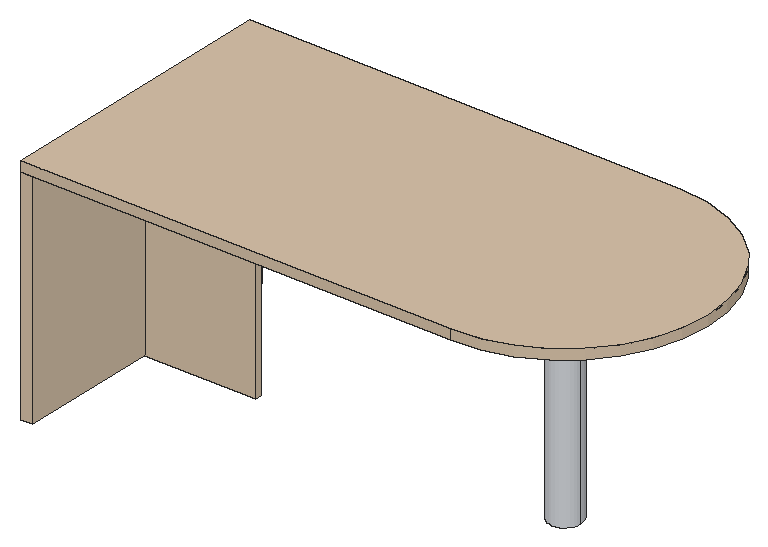
Revit family "Haworth_Masters_Convergent_DTop", category Furniture Systems, Revit 2018
Family settings
  Round Connector Dimension = Use Diameter
  Part Type = Normal
  OmniClass Number = 23.40.70.14.64.21
  OmniClass Title = Systems Furniture
  Work Plane-Based = No
  Always vertical = Yes
  Cut with Voids When Loaded = No
  Shared = No
  Room Calculation Point = No
Parameters (values of type "36d 72w T-Support")
  Worksurface Finish = Haworth _ Wood _ White Oak
  Warranty = "http://www.haworth.com/resources/product-info/warranties"
  URL - Product = "http://www.haworth.com/products/desks/freestanding/masters-series"
  Two High = yes
  Support Position = if(Depth 30, 15", 18")  # 18"
  T-Support = yes
  Sustainability Info = "http://www.haworth.com/company-info/sustainablility"
  Support Height = if(One High, 16 7/16", 0")  # 0"
  Standard Depths = "30, 36 in."  # constant formula
  Post Finish = Haworth _ Paint _ Metallic Champagne
  One High = not(Two High)  # no
  Model = "Haworth - Masters - Convergent D-Top"  # constant formula
  Width = 72"
  URL = "www.haworth.com"
  Size = "Verify Final Dim. w/ Haworth"  # constant formula
  Revision Number = "2"  # constant formula
  Min. Width = if(Depth 30, 30", 36")  # 36"
  Max. Width = if(Depth 30, 90", 96")  # 96"
  Manufacturer = "Haworth"  # constant formula
  Edge Finish = Haworth _ Wood _ White Oak
  Description = "Haworth - Masters - Convergent D-Top"  # constant formula
  Depth 36 = not(Depth 30)  # yes
  Depth 30 = no
  Custom Size = not(or(Custom 36, Custom 30))  # no
  Custom 36 = and(or(Width = 36", Width = 42", Width = 48", Width = 54", Width = 60", Width = 66", Width = 72", Width = 78", Width = 84", Width = 90", Width = 96"), and(Depth 36))  # yes
  Custom 30 = and(or(Width = 30", Width = 36", Width = 42", Width = 48", Width = 54", Width = 60", Width = 66", Width = 72", Width = 78", Width = 84", Width = 90"), and(Depth 30))  # no
  Column Support = yes
  Cabinet Finish = Haworth _ Wood _ White Oak
  Author = "Haworth (Hampton)"  # constant formula
  Assembly Code = "E2020200"
  Actual Width = if(Width < Min. Width, Min. Width, if(Width > Max. Width, Max. Width, Width))  # 72"
  Actual Height = 29 1/8"  # constant formula
  Standard Widths = "30,36,42,48,54,60,66,72,78,84,90,96 in."  # constant formula
  Actual Depth = if(Depth 30, 30", 36")  # 36"
Types (4): name | Support Position | T-Support | Width | Min. Width | Max. Width | Depth 36 | Depth 30 | Custom 36 | Custom 30 | Column Support | Actual Width | Actual Depth
  36d 72w T-Support | 18" | yes | 72" | 36" | 96" | yes | no | yes | no | yes | 72" | 36"
  36d 72w Surface Only | 18" | no | 72" | 36" | 96" | yes | no | yes | no | no | 72" | 36"
  30d 60w T-Support | 15" | yes | 60" | 30" | 90" | no | yes | no | yes | yes | 60" | 30"
  30d 60w Surface Only | 15" | no | 60" | 30" | 90" | no | yes | no | yes | no | 60" | 30"
Reference planes (in)
  plane 1 "Back": y = -10
  plane 2: z = 0
  plane 3 "Center": x = 29.0625
  plane 4 "Top": z = 29.125
  plane 5 "Bottom of Top": z = 27.875
  plane 6 "Front": y = -46
  plane 7 "Left Side": x = -6.9375
  plane 8 "Right Side": x = 65.0625
  plane 9 "One High Bottom": z = 0
  plane 10: y = -28
  plane 11 "L-Support Left In": x = 8.59375
  plane 12: x = -5.40625
  plane 13: x = 47.0625
  plane 14: y = -27.625
  plane 15: y = -28.375
Forms (in)
  Extrusion 1, solid, material "Haworth _ Wood _ White Oak" <- "Worksurface Finish"
    sketch origin (0, 0, 29.125) x (0, 1, 0) y (-1, 0, 0)
      loop
        line (-46, 6.9375) -> (-46, -47.0625)
        arc (-46, -47.0625) -> (-28, -65.0625) -> (-10, -47.0625) r 18
        line (-10, -47.0625) -> (-10, 6.9375) -> (-46, 6.9375)
    from 0 to -1.25
  Extrusion 2, solid, material "Haworth _ Wood _ White Oak" <- "Cabinet Finish", visible <- "T-Support"
    sketch origin (-12.9375, 20.31207, 48) x (0, 1, 0) y (0, 0, -1)
      loop
        line (-30.31207, 20.125) -> (-30.31207, 48) -> (-66.31207, 48) -> (-66.31207, 20.125) -> (-30.31207, 20.125)
    from -7.53125 to -6
  Extrusion 3, solid, material "Haworth _ Wood _ White Oak" <- "Cabinet Finish", visible <- "T-Support"
    sketch origin (58.125, -12.125, 0) x (-1, 0, 0) y (0, -1, 0)
      loop
        line (49.53125, 15.5) -> (63.53125, 15.5) -> (63.53125, 16.25) -> (49.53125, 16.25) -> (49.53125, 15.5)
    from 0 to 27.875
Lines and regions (in)
  Masking region 1
    outline origin (0, 0, 27.875) x (0, 1, 0) y (-1, 0, 0)
      loop
        line (-1.88015, -47.0625) -> (-1.88015, 6.9375) -> (-46, 6.9375) -> (-46, -47.0625)
        arc (-46, -47.0625) -> (-23.94008, -69.12242) -> (-1.88015, -47.0625) r 22.05992
  symbolic lines, style "Haworth Hidden", visible <- "T-Support", detail levels fine
    curve 1: line (-5.40625, -46, 0) -> (-5.40625, -10, 0)
    curve 2: line (8.59375, -27.625, 0) -> (-5.40625, -27.625, 0)
    curve 3: line (8.59375, -28.375, 0) -> (8.59375, -27.625, 0)
    curve 4: line (-5.40625, -28.375, 0) -> (8.59375, -28.375, 0)
    curve 5: line (-5.40625, -27.625, 0) -> (-5.40625, -28.375, 0)
Dimensions and locks (in)
  "Actual Height": plane 4 "Top" to level
  "Actual Depth": plane 1 "Back" to plane 6 "Front"
  equal spacing: plane 7 "Left Side", plane 3 "Center", plane 8 "Right Side"
  "Actual Width": plane 7 "Left Side" to plane 8 "Right Side"
  locked: plane 4 "Top" to plane 5 "Bottom of Top" at 1.25
  "Support Height": plane 9 "One High Bottom" to level
  locked: plane 7 "Left Side" to plane 12 at 1.53125
  locked: plane 12 to plane 11 "L-Support Left In" at 14
  "Support Position": plane 10 to plane 6 "Front"
  "Support Position": plane 13 to plane 8 "Right Side"
  aligned and locked: level to plane 2
  aligned and locked: Extrusion 1 to plane 5 "Bottom of Top"
  aligned and locked: plane 1 "Back" to Extrusion 1 sketch curve
  aligned and locked: curve 1 to plane 12
  aligned and locked: Extrusion 3 to plane 9 "One High Bottom"
  aligned and locked: Extrusion 2 to plane 7 "Left Side"
  aligned and locked: Extrusion 2 to plane 12
  aligned and locked: Extrusion 2 to plane 1 "Back"
  aligned and locked: Extrusion 2 to plane 6 "Front"
  aligned and locked: nested 1 to plane 10
  aligned and locked: plane 13 to nested 1
  aligned and locked: Extrusion 1 to plane 4 "Top"
  aligned and locked: Extrusion 1 to plane 7 "Left Side"
  aligned and locked: Extrusion 1 to plane 6 "Front"
  aligned and locked: Extrusion 3 to plane 5 "Bottom of Top"
  aligned and locked: plane 12 to Extrusion 3
  aligned and locked: Extrusion 3 to plane 11 "L-Support Left In"
  aligned and locked: plane 14 to Extrusion 3
  aligned and locked: Extrusion 3 to plane 15
  aligned and locked: Extrusion 2 to plane 5 "Bottom of Top"
  aligned and locked: Extrusion 2 to plane 9 "One High Bottom"
Automatic sketch dimensions
  plane 5 "Bottom of Top" to Extrusion 2 sketch curve = 0"
  Extrusion 2 sketch curve to plane 9 "One High Bottom" = 0"
  plane 10 to Extrusion 3 sketch curve = 3/8"
  plane 11 "L-Support Left In" to Extrusion 3 sketch curve = 0"
  Extrusion 3 sketch curve to plane 12 = 0"
  Extrusion 3 sketch curve to plane 10 = 3/8"
  Extrusion 2 sketch curve to plane 6 "Front" = 0"
  Extrusion 2 sketch curve to plane 1 "Back" = 0"
  Masking region 1 sketch curve to plane 13 = 0"
  Extrusion 1 sketch curve to plane 6 "Front" = 0"
  Extrusion 1 sketch curve to plane 13 = 0"
  Extrusion 1 sketch curve to plane 7 "Left Side" = 0"
  curve 5 to plane 12 = 0"
  curve 4 to plane 11 "L-Support Left In" = 0"
  curve 1 to plane 6 "Front" = 0"
  plane 1 "Back" to curve 1 = 0"
  curve 4 to plane 10 = 3/8"
  plane 10 to curve 2 = 3/8"
  Masking region 1 sketch curve to plane 6 "Front" = 0"
  Masking region 1 sketch curve to plane 7 "Left Side" = 0"
  plane 10 to Masking region 1 sketch curve = 4.05992"
Nested families (in)
  nested 1: "Haworth_Masters-Post_Support" at (47.0625, -33.5, 0), visible <- "Column Support", type "Base"
Definition of nested family "Haworth_Masters-Post_Support"
  Parameters
    Warranty = ""
    URL - Product = ""
    URL = "www.haworth.com"
    OmniClass Number = ""
    Material Options = ""
    Leg Height = 27 7/8"
    Post Finish = none
    Sustainability Info = ""
    Size = "Verify Final Dim. w/ Haworth"  # constant formula
    Revision Number = "1"
    Manufacturer = "Haworth"  # constant formula
    LEED Data = ""
    Author = "Haworth (Hampton)"  # constant formula
    Assembly Code = ""
  Reference planes (in)
    plane 1 "Center F/B": y = 5.5
    plane 2: z = 0
    plane 3 "Center L/R": x = 0
    plane 4 "Table Bottom": z = 27.875
  Forms (in)
    Revolve 1, solid, material <- "Post Finish"
      sketch origin (0, 5.5, 0) x (1, 0, 0) y (0, 0, 1)
        loop
          line (-2.25, 27.875) -> (-2.25, 21.9775) -> (-2.21, 21.9375) -> (-2, 21.9375) -> (-2, 0) -> (0, 0) -> (0, 27.875) -> (-2.25, 27.875)
        axis (0, 27.875) -> (0, 0)
      angle from 0 to 360
  Lines and regions (in)
    symbolic lines, detail levels fine
      curve 1: circle (0, 5.5, 0) r 2 normal (0, 0, 1)
      curve 2: circle (0, 5.5, 0) r 2 normal (0, 0, 1)
  Dimensions and locks (in)
    "Leg Height": plane 4 "Table Bottom" to level
  Automatic sketch dimensions
    curve 1 to curve 2 = 0"  (x2)
    plane 1 "Center F/B" to curve 1 = 0"
    curve 1 to plane 3 "Center L/R" = 0"
    Revolve 1 sketch curve to plane 4 "Table Bottom" = 0"
    Revolve 1 sketch curve to level = 0"
    Revolve 1 sketch curve to plane 3 "Center L/R" = 0"  (x2)
    Revolve 1 sketch curve to plane 3 "Center L/R" = 2"
    Revolve 1 sketch curve to Revolve 1 sketch curve = 0.21"
    Revolve 1 sketch curve to Revolve 1 sketch curve = 2 1/4"
    Revolve 1 sketch curve to level = 11 7/16"
    Revolve 1 sketch curve to plane 4 "Table Bottom" = 5 15/16"
    Revolve 1 sketch curve to Revolve 1 sketch curve = 0.04"
    Revolve 1 sketch curve to Revolve 1 sketch curve = 2 3/4"
    radius of curve 1 = 2"
    radius of curve 2 = 2"
